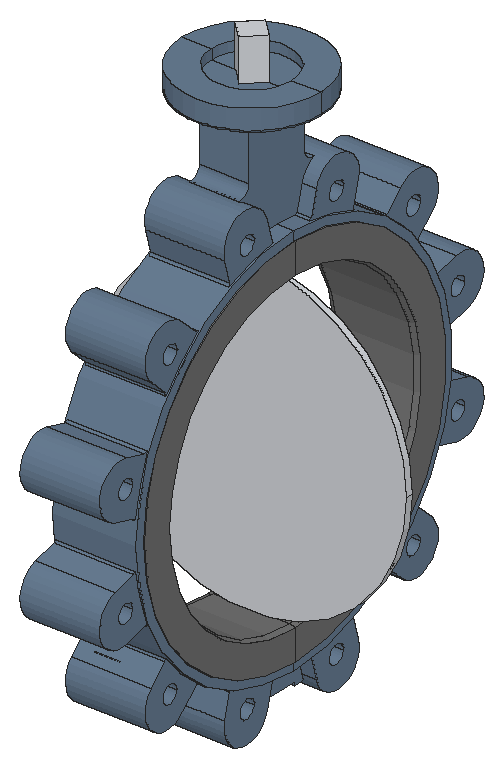
Revit family "Absperr- und Regulierklappe AF-4219", category Rohrzubehör, Revit 2018 (continued)
Lines and regions (mm)
  model lines, detail levels coarse+medium
    curve 6: circle (0, 0, 0) r 5 normal (0, 0, 1)
    curve 7: line (-39, 0, 183) -> (-39, 0, -183)
    curve 8: line (-39, 0, -183) -> (39, 0, -183)
    curve 9: line (39, 0, -183) -> (39, 0, 183)
    curve 10: line (39, 0, 183) -> (-39, 0, 183)
    curve 11: line (39, 0, -183) -> (-39, 0, 183)
    curve 12: circle (0, 0, 0) r 5 normal (0, -1, 0)
Dimensions and locks
  "H01": Revolve 2 sketch curve to plane 2
  "H02": Revolve 2 sketch curve to Revolve 2 sketch curve
  "R01": Revolve 2 sketch curve to Revolve 2 sketch curve
  "D01": plane 2 to Revolve 1 sketch curve
  "D02": plane 2 to Revolve 1 sketch curve
  "D03": plane 2 to Revolve 1 sketch curve
  "L01": Revolve 1 sketch curve to plane 3 "Mitte (Links/rechts)"
  "L02": plane 3 "Mitte (Links/rechts)" to Revolve 1 sketch curve  (x2)
  "D05": Revolve 6 sketch curve to plane 2
  "D04": Revolve 6 sketch curve to plane 2  (x2)
  "D02": Revolve 6 sketch curve to plane 2  (x2)
  "L03": plane 3 "Mitte (Links/rechts)" to Revolve 6 sketch curve
  "L02": Revolve 6 sketch curve to plane 3 "Mitte (Links/rechts)"
  "L03": Revolve 6 sketch curve to plane 3 "Mitte (Links/rechts)"
  "L01": plane 3 "Mitte (Links/rechts)" to Revolve 1 sketch curve
  "D02": Revolve 1 sketch curve to plane 2
  "L02": plane 3 "Mitte (Links/rechts)" to Revolve 6 sketch curve
  "D03": plane 2 to Revolve 6 sketch curve
  "L04": Revolve 6 sketch curve to plane 3 "Mitte (Links/rechts)" to Revolve 6 sketch curve
  "L01": curve 2 to plane 3 "Mitte (Links/rechts)" to curve 4
  equal spacing: curve 3, curve 6, curve 1
  equal spacing: curve 2, curve 6, curve 4
  "D01": curve 1 to plane 1 "Mitte (Vorne/hinten)" to curve 3
  "L01": curve 7 to curve 12 to curve 9
  "D01": curve 10 to curve 12 to curve 8
  "H03": Revolve 2 sketch curve to Revolve 2 sketch curve
  "R02": Revolve 2 sketch curve to Revolve 2 sketch curve
  equal spacing: Extrusion 24 sketch curve, curve 11, Extrusion 24 sketch curve  (x2)
  "L05": Extrusion 24 sketch curve to Extrusion 24 sketch curve  (x2)
  "H04": Extrusion 24 to plane 2
  "H05": Extrusion 24 to Revolve 2
  "R99": radius of Revolve 2 sketch curve
  "D06": radius of Extrusion 7 sketch curve
  radius of curve 6 = 5.000 mm
  radius of curve 12 = 5.000 mm
  aligned and locked: level to plane 2
Automatic sketch dimensions
  Extrusion 3 sketch curve to Extrusion 3 sketch curve = 0.000 mm  (x20)
  Extrusion 3 sketch curve to level = 0.000 mm
  Extrusion 3 sketch curve to plane 1 "Mitte (Vorne/hinten)" = 0.000 mm
  plane 1 "Mitte (Vorne/hinten)" to Extrusion 3 sketch curve = 18.495 mm  (x2)
  Extrusion 3 sketch curve to Extrusion 3 sketch curve = 1.414 mm  (x16)
  Extrusion 3 sketch curve to Extrusion 3 sketch curve = 12.265 mm  (x8)
  Extrusion 3 sketch curve to level = 19.909 mm  (x2)
  Extrusion 3 sketch curve to Extrusion 3 sketch curve = 24.042 mm  (x8)
  level to Extrusion 3 sketch curve = 19.909 mm  (x2)
  Extrusion 3 sketch curve to Extrusion 3 sketch curve = 12.021 mm  (x12)
  Extrusion 3 sketch curve to plane 1 "Mitte (Vorne/hinten)" = 18.495 mm  (x2)
  Extrusion 3 sketch curve to Extrusion 3 sketch curve = 0.934 mm  (x4)
  Extrusion 4 sketch curve to level = 0.000 mm
  Extrusion 4 sketch curve to plane 1 "Mitte (Vorne/hinten)" = 0.000 mm
  plane 1 "Mitte (Vorne/hinten)" to Extrusion 4 sketch curve = 18.495 mm
  Extrusion 4 sketch curve to Extrusion 4 sketch curve = 1.414 mm  (x4)
  plane 1 "Mitte (Vorne/hinten)" to Extrusion 4 sketch curve = 20.000 mm
  Extrusion 4 sketch curve to Extrusion 4 sketch curve = 12.265 mm  (x2)
  Extrusion 4 sketch curve to Extrusion 4 sketch curve = 15.000 mm  (x2)
  Extrusion 4 sketch curve to Extrusion 4 sketch curve = 12.021 mm  (x4)
  Extrusion 4 sketch curve to plane 1 "Mitte (Vorne/hinten)" = 18.495 mm
  Extrusion 4 sketch curve to plane 1 "Mitte (Vorne/hinten)" = 20.000 mm
  level to Extrusion 4 sketch curve = 43.950 mm
  Extrusion 4 sketch curve to Extrusion 4 sketch curve = 0.000 mm
  Extrusion 4 sketch curve to Extrusion 4 sketch curve = 0.244 mm  (x2)
  Extrusion 4 sketch curve to Extrusion 4 sketch curve = 18.630 mm  (x2)
  Extrusion 4 sketch curve to Extrusion 4 sketch curve = 0.934 mm
  Extrusion 5 sketch curve to level = 0.000 mm
  Extrusion 5 sketch curve to plane 1 "Mitte (Vorne/hinten)" = 0.000 mm
  plane 1 "Mitte (Vorne/hinten)" to Extrusion 5 sketch curve = 15.000 mm
  Extrusion 5 sketch curve to Extrusion 5 sketch curve = 1.963 mm  (x2)
  Extrusion 5 sketch curve to Extrusion 5 sketch curve = 1.531 mm  (x2)
  Extrusion 5 sketch curve to Extrusion 5 sketch curve = 1.414 mm  (x4)
  Extrusion 5 sketch curve to Extrusion 5 sketch curve = 15.210 mm  (x2)
  Extrusion 5 sketch curve to Extrusion 5 sketch curve = 1.660 mm  (x2)
  Extrusion 5 sketch curve to Extrusion 5 sketch curve = 12.021 mm  (x3)
  Extrusion 5 sketch curve to plane 1 "Mitte (Vorne/hinten)" = 15.000 mm
  Extrusion 5 sketch curve to Extrusion 5 sketch curve = 1.037 mm  (x2)
  Extrusion 5 sketch curve to Extrusion 5 sketch curve = 1.400 mm  (x2)
  Extrusion 5 sketch curve to Extrusion 5 sketch curve = 1.785 mm  (x2)
  Extrusion 5 sketch curve to Extrusion 5 sketch curve = 12.635 mm  (x2)
  Extrusion 5 sketch curve to Extrusion 5 sketch curve = 0.934 mm
  Extrusion 5 sketch curve to Extrusion 5 sketch curve = 0.788 mm  (x2)
  Extrusion 5 sketch curve to Extrusion 5 sketch curve = 0.000 mm  (x2)
  Extrusion 4 sketch curve to Extrusion 4 sketch curve = 37.155 mm
  Extrusion 5 sketch curve to level = 43.950 mm
  Extrusion 8 sketch curve to Extrusion 8 sketch curve = 0.000 mm  (x12)
  Extrusion 8 sketch curve to level = 39.244 mm  (x2)
  plane 1 "Mitte (Vorne/hinten)" to Extrusion 8 sketch curve = 63.286 mm
  level to Extrusion 8 sketch curve = 39.244 mm  (x2)
  Extrusion 8 sketch curve to Extrusion 8 sketch curve = 9.190 mm  (x2)
  level to Extrusion 8 sketch curve = 28.614 mm  (x2)
  Extrusion 8 sketch curve to Extrusion 8 sketch curve = 1.441 mm  (x8)
  Extrusion 8 sketch curve to level = 28.614 mm  (x2)
  Extrusion 8 sketch curve to Extrusion 8 sketch curve = 12.021 mm  (x6)
  level to Extrusion 8 sketch curve = 63.286 mm  (x2)
  Extrusion 8 sketch curve to level = 63.286 mm  (x2)
  level to Extrusion 8 sketch curve = 52.636 mm  (x2)
  Extrusion 8 sketch curve to Extrusion 8 sketch curve = 10.650 mm  (x4)
  Extrusion 8 sketch curve to level = 52.636 mm  (x2)
  Extrusion 8 sketch curve to Extrusion 8 sketch curve = 1.414 mm  (x8)
  level to Extrusion 8 sketch curve = 0.001 mm  (x2)
  Extrusion 8 sketch curve to Extrusion 8 sketch curve = 28.594 mm
  Extrusion 8 sketch curve to level = 0.001 mm  (x2)
  Extrusion 8 sketch curve to Extrusion 8 sketch curve = 0.001 mm  (x2)
  Extrusion 8 sketch curve to Extrusion 8 sketch curve = 54.361 mm  (x2)
  Extrusion 8 sketch curve to Extrusion 8 sketch curve = 1.390 mm  (x2)
  Extrusion 8 sketch curve to Extrusion 8 sketch curve = 10.630 mm  (x2)
  Extrusion 8 sketch curve to Extrusion 8 sketch curve = 1.832 mm  (x2)
  Extrusion 9 sketch curve to Extrusion 9 sketch curve = 0.000 mm  (x5)
  Extrusion 9 sketch curve to level = 0.000 mm
  Extrusion 9 sketch curve to level = 51.265 mm
  plane 1 "Mitte (Vorne/hinten)" to Extrusion 9 sketch curve = 51.265 mm
  level to Extrusion 9 sketch curve = 51.265 mm
  Extrusion 9 sketch curve to Extrusion 9 sketch curve = 9.247 mm  (x3)
  Extrusion 9 sketch curve to level = 63.286 mm  (x2)
  Extrusion 9 sketch curve to Extrusion 9 sketch curve = 2.774 mm  (x4)
  level to Extrusion 9 sketch curve = 63.286 mm  (x2)
  Extrusion 9 sketch curve to Extrusion 9 sketch curve = 2.244 mm  (x2)
  Extrusion 9 sketch curve to Extrusion 9 sketch curve = 0.183 mm  (x2)
  level to Extrusion 9 sketch curve = 52.636 mm  (x2)
  Extrusion 9 sketch curve to Extrusion 9 sketch curve = 10.650 mm  (x3)
  Extrusion 9 sketch curve to level = 52.636 mm  (x2)
  Extrusion 9 sketch curve to Extrusion 9 sketch curve = 1.414 mm  (x8)
  Extrusion 9 sketch curve to Extrusion 9 sketch curve = 14.817 mm  (x2)
  Extrusion 9 sketch curve to Extrusion 9 sketch curve = 7.210 mm
  Extrusion 9 sketch curve to Extrusion 9 sketch curve = 1.971 mm
  Extrusion 9 sketch curve to Extrusion 9 sketch curve = 28.595 mm
  Extrusion 9 sketch curve to Extrusion 9 sketch curve = 36.000 mm
  Extrusion 9 sketch curve to Extrusion 9 sketch curve = 1.997 mm
  Extrusion 9 sketch curve to Extrusion 9 sketch curve = 44.000 mm
  Extrusion 9 sketch curve to Extrusion 9 sketch curve = 5.181 mm
  Extrusion 9 sketch curve to Extrusion 9 sketch curve = 7.184 mm
  Extrusion 9 sketch curve to Extrusion 9 sketch curve = 12.021 mm  (x2)
  Extrusion 9 sketch curve to Extrusion 9 sketch curve = 14.891 mm
  Extrusion 9 sketch curve to Extrusion 9 sketch curve = 6.473 mm
  Extrusion 9 sketch curve to Extrusion 9 sketch curve = 12.756 mm  (x2)
  Extrusion 9 sketch curve to Extrusion 9 sketch curve = 55.987 mm
  Extrusion 10 sketch curve to Extrusion 10 sketch curve = 0.000 mm  (x48)
  level to Extrusion 10 sketch curve = 14.909 mm  (x2)
  plane 1 "Mitte (Vorne/hinten)" to Extrusion 10 sketch curve = 80.416 mm
  Extrusion 10 sketch curve to level = 14.909 mm  (x2)
  Extrusion 10 sketch curve to Extrusion 10 sketch curve = 6.506 mm  (x6)
  Extrusion 10 sketch curve to level = 46.321 mm  (x2)
  level to Extrusion 10 sketch curve = 46.321 mm  (x2)
  Extrusion 10 sketch curve to level = 7.243 mm
  Extrusion 10 sketch curve to Extrusion 10 sketch curve = 13.321 mm
  level to Extrusion 10 sketch curve = 7.243 mm
  Extrusion 10 sketch curve to level = 9.076 mm  (x2)
  Extrusion 10 sketch curve to Extrusion 10 sketch curve = 0.759 mm  (x8)
  level to Extrusion 10 sketch curve = 9.076 mm  (x2)
  level to Extrusion 10 sketch curve = 40.487 mm  (x2)
  Extrusion 10 sketch curve to Extrusion 10 sketch curve = 14.082 mm  (x4)
  Extrusion 10 sketch curve to level = 40.487 mm  (x2)
  Extrusion 10 sketch curve to Extrusion 10 sketch curve = 0.758 mm  (x8)
  level to Extrusion 10 sketch curve = 67.405 mm  (x2)
  Extrusion 10 sketch curve to Extrusion 10 sketch curve = 6.243 mm  (x2)
  Extrusion 10 sketch curve to level = 67.405 mm  (x2)
  Extrusion 10 sketch curve to Extrusion 10 sketch curve = 10.245 mm  (x4)
  level to Extrusion 10 sketch curve = 53.322 mm  (x2)
  Extrusion 10 sketch curve to Extrusion 10 sketch curve = 1.831 mm  (x8)
  Extrusion 10 sketch curve to level = 53.322 mm  (x2)
  Extrusion 10 sketch curve to Extrusion 10 sketch curve = 15.706 mm  (x6)
  level to Extrusion 10 sketch curve = 80.416 mm  (x2)
  Extrusion 10 sketch curve to level = 80.416 mm  (x2)
  Extrusion 10 sketch curve to level = 66.335 mm  (x2)
  Extrusion 10 sketch curve to Extrusion 10 sketch curve = 5.832 mm  (x4)
  level to Extrusion 10 sketch curve = 66.335 mm  (x2)
  Extrusion 10 sketch curve to Extrusion 10 sketch curve = 1.833 mm  (x6)
  level to Extrusion 10 sketch curve = 0.000 mm
  Extrusion 10 sketch curve to Extrusion 10 sketch curve = 14.486 mm  (x2)
  Extrusion 10 sketch curve to Extrusion 10 sketch curve = 9.873 mm  (x2)
  Extrusion 10 sketch curve to Extrusion 10 sketch curve = 5.833 mm  (x2)
  Extrusion 10 sketch curve to Extrusion 10 sketch curve = 13.013 mm
  Extrusion 10 sketch curve to Extrusion 10 sketch curve = 14.081 mm  (x2)
  Extrusion 10 sketch curve to Extrusion 10 sketch curve = 1.973 mm  (x4)
  Extrusion 10 sketch curve to Extrusion 10 sketch curve = 1.544 mm  (x4)
  Extrusion 10 sketch curve to Extrusion 10 sketch curve = 1.243 mm  (x3)
  Extrusion 10 sketch curve to Extrusion 10 sketch curve = 0.211 mm  (x2)
  Extrusion 10 sketch curve to Extrusion 10 sketch curve = 0.002 mm  (x5)
  Extrusion 10 sketch curve to Extrusion 10 sketch curve = 0.213 mm  (x2)
  Extrusion 10 sketch curve to Extrusion 10 sketch curve = 41.076 mm
  Extrusion 10 sketch curve to level = 0.000 mm
  level to Extrusion 11 sketch curve = 100.814 mm
  plane 1 "Mitte (Vorne/hinten)" to Extrusion 11 sketch curve = 32.000 mm
  Extrusion 11 sketch curve to Extrusion 11 sketch curve = 1.385 mm
  Extrusion 11 sketch curve to Extrusion 11 sketch curve = 10.000 mm  (x2)
  Extrusion 11 sketch curve to level = 80.416 mm
  Extrusion 11 sketch curve to Extrusion 11 sketch curve = 15.706 mm  (x3)
  level to Extrusion 11 sketch curve = 80.416 mm  (x2)
  Extrusion 11 sketch curve to Extrusion 11 sketch curve = 1.409 mm
  Extrusion 11 sketch curve to level = 66.335 mm  (x2)
  Extrusion 11 sketch curve to Extrusion 11 sketch curve = 5.832 mm  (x3)
  level to Extrusion 11 sketch curve = 66.335 mm  (x2)
  Extrusion 11 sketch curve to Extrusion 11 sketch curve = 1.833 mm  (x4)
  level to Extrusion 11 sketch curve = 0.554 mm
  Extrusion 11 sketch curve to Extrusion 11 sketch curve = 9.076 mm
  Extrusion 11 sketch curve to level = 0.554 mm
  Extrusion 11 sketch curve to Extrusion 11 sketch curve = 0.000 mm  (x3)
  Extrusion 11 sketch curve to Extrusion 11 sketch curve = 14.486 mm  (x2)
  Extrusion 11 sketch curve to Extrusion 11 sketch curve = 44.000 mm
  Extrusion 11 sketch curve to Extrusion 11 sketch curve = 0.759 mm  (x4)
  Extrusion 11 sketch curve to Extrusion 11 sketch curve = 6.506 mm
  Extrusion 11 sketch curve to Extrusion 11 sketch curve = 42.686 mm
  Extrusion 11 sketch curve to level = 80.371 mm
  Extrusion 11 sketch curve to Extrusion 11 sketch curve = 1.390 mm
  Extrusion 11 sketch curve to Extrusion 11 sketch curve = 27.000 mm
  Extrusion 12 sketch curve to Extrusion 12 sketch curve = 0.000 mm  (x40)
  Extrusion 12 sketch curve to level = 0.000 mm
  level to Extrusion 12 sketch curve = 18.736 mm  (x2)
  plane 1 "Mitte (Vorne/hinten)" to Extrusion 12 sketch curve = 89.655 mm
  Extrusion 12 sketch curve to level = 18.736 mm  (x2)
  Extrusion 12 sketch curve to Extrusion 12 sketch curve = 6.506 mm  (x6)
  Extrusion 12 sketch curve to level = 50.147 mm  (x2)
  level to Extrusion 12 sketch curve = 50.147 mm  (x2)
  Extrusion 12 sketch curve to Extrusion 12 sketch curve = 13.415 mm  (x2)
  Extrusion 12 sketch curve to level = 12.858 mm  (x2)
  Extrusion 12 sketch curve to Extrusion 12 sketch curve = 0.776 mm  (x8)
  level to Extrusion 12 sketch curve = 12.858 mm  (x2)
  Extrusion 12 sketch curve to level = 44.269 mm  (x2)
  Extrusion 12 sketch curve to Extrusion 12 sketch curve = 14.192 mm  (x4)
  level to Extrusion 12 sketch curve = 44.269 mm  (x2)
  Extrusion 12 sketch curve to Extrusion 12 sketch curve = 0.775 mm  (x8)
  level to Extrusion 12 sketch curve = 76.644 mm  (x2)
  Extrusion 12 sketch curve to Extrusion 12 sketch curve = 11.529 mm  (x2)
  Extrusion 12 sketch curve to level = 76.644 mm  (x2)
  Extrusion 12 sketch curve to Extrusion 12 sketch curve = 4.008 mm  (x2)
  level to Extrusion 12 sketch curve = 62.451 mm  (x2)
  Extrusion 12 sketch curve to Extrusion 12 sketch curve = 1.871 mm  (x8)
  Extrusion 12 sketch curve to level = 62.451 mm  (x2)
  Extrusion 12 sketch curve to Extrusion 12 sketch curve = 15.706 mm  (x6)
  level to Extrusion 12 sketch curve = 89.655 mm  (x2)
  Extrusion 12 sketch curve to level = 89.655 mm  (x2)
  Extrusion 12 sketch curve to level = 75.464 mm  (x2)
  Extrusion 12 sketch curve to Extrusion 12 sketch curve = 5.878 mm  (x4)
  level to Extrusion 12 sketch curve = 75.464 mm  (x2)
  Extrusion 12 sketch curve to Extrusion 12 sketch curve = 1.873 mm  (x8)
  Extrusion 12 sketch curve to Extrusion 12 sketch curve = 21.969 mm  (x2)
  Extrusion 12 sketch curve to Extrusion 12 sketch curve = 9.827 mm  (x2)
  Extrusion 12 sketch curve to Extrusion 12 sketch curve = 5.879 mm  (x2)
  Extrusion 12 sketch curve to Extrusion 12 sketch curve = 15.537 mm  (x2)
  Extrusion 12 sketch curve to Extrusion 12 sketch curve = 13.013 mm
  Extrusion 12 sketch curve to Extrusion 12 sketch curve = 14.190 mm  (x2)
  Extrusion 12 sketch curve to Extrusion 12 sketch curve = 44.269 mm
  Extrusion 13 sketch curve to Extrusion 13 sketch curve = 0.000 mm  (x5)
  Extrusion 13 sketch curve to level = 0.000 mm
  level to Extrusion 13 sketch curve = 114.470 mm
  plane 1 "Mitte (Vorne/hinten)" to Extrusion 13 sketch curve = 41.000 mm
  Extrusion 13 sketch curve to level = 83.149 mm
  Extrusion 13 sketch curve to Extrusion 13 sketch curve = 6.558 mm  (x2)
  Extrusion 13 sketch curve to Extrusion 13 sketch curve = 15.000 mm  (x2)
  level to Extrusion 13 sketch curve = 89.655 mm  (x2)
  Extrusion 13 sketch curve to Extrusion 13 sketch curve = 15.706 mm  (x2)
  Extrusion 13 sketch curve to Extrusion 13 sketch curve = 5.236 mm  (x2)
  level to Extrusion 13 sketch curve = 75.464 mm  (x2)
  Extrusion 13 sketch curve to Extrusion 13 sketch curve = 5.878 mm  (x3)
  Extrusion 13 sketch curve to level = 75.464 mm  (x2)
  Extrusion 13 sketch curve to Extrusion 13 sketch curve = 1.873 mm  (x4)
  Extrusion 13 sketch curve to Extrusion 13 sketch curve = 12.858 mm
  Extrusion 13 sketch curve to Extrusion 13 sketch curve = 21.969 mm
  Extrusion 13 sketch curve to Extrusion 13 sketch curve = 3.345 mm
  Extrusion 13 sketch curve to Extrusion 13 sketch curve = 3.000 mm  (x2)
  Extrusion 13 sketch curve to Extrusion 13 sketch curve = 6.506 mm  (x3)
  Extrusion 13 sketch curve to Extrusion 13 sketch curve = 0.776 mm  (x4)
  Extrusion 13 sketch curve to Extrusion 13 sketch curve = 31.321 mm
  Extrusion 13 sketch curve to Extrusion 13 sketch curve = 52.530 mm
  Extrusion 13 sketch curve to Extrusion 13 sketch curve = 11.129 mm  (x2)
  Extrusion 13 sketch curve to Extrusion 13 sketch curve = 9.812 mm  (x2)
  Extrusion 13 sketch curve to Extrusion 13 sketch curve = 3.078 mm
  Extrusion 13 sketch curve to Extrusion 13 sketch curve = 21.680 mm
  Extrusion 13 sketch curve to Extrusion 13 sketch curve = 2.515 mm
  Extrusion 13 sketch curve to Extrusion 13 sketch curve = 52.000 mm
  Extrusion 14 sketch curve to Extrusion 14 sketch curve = 0.000 mm  (x22)
  Extrusion 14 sketch curve to level = 24.476 mm  (x2)
  plane 1 "Mitte (Vorne/hinten)" to Extrusion 14 sketch curve = 103.513 mm
  level to Extrusion 14 sketch curve = 24.476 mm  (x2)
  Extrusion 14 sketch curve to Extrusion 14 sketch curve = 6.506 mm  (x6)
  Extrusion 14 sketch curve to Extrusion 14 sketch curve = 11.623 mm  (x2)
  Extrusion 14 sketch curve to level = 19.351 mm  (x2)
  Extrusion 14 sketch curve to Extrusion 14 sketch curve = 0.749 mm  (x8)
  level to Extrusion 14 sketch curve = 19.351 mm  (x2)
  Extrusion 14 sketch curve to level = 55.888 mm  (x2)
  level to Extrusion 14 sketch curve = 55.888 mm  (x2)
  Extrusion 14 sketch curve to level = 50.783 mm  (x2)
  Extrusion 14 sketch curve to Extrusion 14 sketch curve = 12.323 mm  (x4)
  level to Extrusion 14 sketch curve = 50.783 mm  (x2)
  Extrusion 14 sketch curve to Extrusion 14 sketch curve = 0.774 mm  (x8)
  level to Extrusion 14 sketch curve = 90.502 mm  (x2)
  Extrusion 14 sketch curve to Extrusion 14 sketch curve = 21.517 mm  (x2)
  Extrusion 14 sketch curve to level = 90.502 mm  (x2)
  Extrusion 14 sketch curve to Extrusion 14 sketch curve = 3.235 mm  (x2)
  Extrusion 14 sketch curve to level = 78.179 mm  (x2)
  Extrusion 14 sketch curve to Extrusion 14 sketch curve = 1.869 mm  (x8)
  level to Extrusion 14 sketch curve = 78.179 mm  (x2)
  Extrusion 14 sketch curve to Extrusion 14 sketch curve = 15.706 mm  (x6)
  level to Extrusion 14 sketch curve = 103.513 mm  (x2)
  Extrusion 14 sketch curve to level = 103.513 mm  (x2)
  level to Extrusion 14 sketch curve = 91.141 mm  (x2)
  Extrusion 14 sketch curve to Extrusion 14 sketch curve = 5.125 mm  (x4)
  Extrusion 14 sketch curve to level = 91.141 mm  (x2)
  Extrusion 14 sketch curve to Extrusion 14 sketch curve = 1.809 mm  (x8)
  Extrusion 14 sketch curve to level = 0.103 mm  (x2)
  Extrusion 14 sketch curve to Extrusion 14 sketch curve = 90.896 mm
  level to Extrusion 14 sketch curve = 0.103 mm  (x2)
  Extrusion 14 sketch curve to Extrusion 14 sketch curve = 0.142 mm  (x7)
  Extrusion 14 sketch curve to Extrusion 14 sketch curve = 0.207 mm  (x2)
  Extrusion 14 sketch curve to Extrusion 14 sketch curve = 35.084 mm  (x2)
  Extrusion 14 sketch curve to Extrusion 14 sketch curve = 10.601 mm  (x2)
  Extrusion 14 sketch curve to Extrusion 14 sketch curve = 5.104 mm  (x2)
  Extrusion 14 sketch curve to Extrusion 14 sketch curve = 24.752 mm  (x2)
  Extrusion 14 sketch curve to Extrusion 14 sketch curve = 12.962 mm  (x2)
  Extrusion 14 sketch curve to Extrusion 14 sketch curve = 12.372 mm  (x2)
  Extrusion 14 sketch curve to level = 0.245 mm
  Extrusion 14 sketch curve to Extrusion 14 sketch curve = 1.933 mm  (x2)
  Extrusion 14 sketch curve to Extrusion 14 sketch curve = 0.314 mm  (x2)
  level to Extrusion 15 sketch curve = 97.007 mm
  plane 1 "Mitte (Vorne/hinten)" to Extrusion 15 sketch curve = 40.182 mm
  Extrusion 15 sketch curve to level = 97.007 mm
  Extrusion 15 sketch curve to Extrusion 15 sketch curve = 0.000 mm  (x7)
  Extrusion 15 sketch curve to Extrusion 15 sketch curve = 4.132 mm
  Extrusion 15 sketch curve to Extrusion 15 sketch curve = 10.048 mm  (x2)
  Extrusion 15 sketch curve to Extrusion 15 sketch curve = 15.706 mm  (x3)
  level to Extrusion 15 sketch curve = 103.513 mm  (x2)
  level to Extrusion 15 sketch curve = 91.141 mm  (x2)
  Extrusion 15 sketch curve to Extrusion 15 sketch curve = 5.125 mm  (x3)
  Extrusion 15 sketch curve to level = 91.141 mm  (x2)
  Extrusion 15 sketch curve to Extrusion 15 sketch curve = 1.809 mm  (x4)
  Extrusion 15 sketch curve to Extrusion 15 sketch curve = 10.974 mm  (x2)
  Extrusion 15 sketch curve to level = 0.111 mm
  Extrusion 15 sketch curve to Extrusion 15 sketch curve = 19.350 mm
  level to Extrusion 15 sketch curve = 0.111 mm
  Extrusion 15 sketch curve to Extrusion 15 sketch curve = 35.081 mm
  Extrusion 15 sketch curve to Extrusion 15 sketch curve = 4.041 mm
  Extrusion 15 sketch curve to level = 103.513 mm
  Extrusion 15 sketch curve to Extrusion 15 sketch curve = 9.998 mm  (x2)
  Extrusion 15 sketch curve to Extrusion 15 sketch curve = 3.000 mm
  Extrusion 15 sketch curve to Extrusion 15 sketch curve = 6.505 mm  (x2)
  Extrusion 15 sketch curve to Extrusion 15 sketch curve = 0.749 mm  (x4)
  Extrusion 15 sketch curve to Extrusion 15 sketch curve = 20.176 mm  (x2)
  Extrusion 15 sketch curve to Extrusion 15 sketch curve = 62.311 mm
  Extrusion 15 sketch curve to Extrusion 15 sketch curve = 0.048 mm
  Extrusion 15 sketch curve to Extrusion 15 sketch curve = 11.626 mm  (x2)
  Extrusion 15 sketch curve to Extrusion 15 sketch curve = 27.000 mm
  Extrusion 15 sketch curve to Extrusion 15 sketch curve = 52.000 mm
  Extrusion 16 sketch curve to Extrusion 16 sketch curve = 0.000 mm  (x23)
  Extrusion 16 sketch curve to level = 26.521 mm  (x2)
  plane 1 "Mitte (Vorne/hinten)" to Extrusion 16 sketch curve = 118.902 mm
  level to Extrusion 16 sketch curve = 26.521 mm  (x2)
  Extrusion 16 sketch curve to Extrusion 16 sketch curve = 8.036 mm  (x6)
  Extrusion 16 sketch curve to Extrusion 16 sketch curve = 15.875 mm  (x2)
  level to Extrusion 16 sketch curve = 65.323 mm  (x2)
  Extrusion 16 sketch curve to level = 65.323 mm  (x2)
  level to Extrusion 16 sketch curve = 19.621 mm  (x2)
  Extrusion 16 sketch curve to Extrusion 16 sketch curve = 0.782 mm  (x8)
  Extrusion 16 sketch curve to level = 19.621 mm  (x2)
  Extrusion 16 sketch curve to level = 58.409 mm  (x2)
  Extrusion 16 sketch curve to Extrusion 16 sketch curve = 16.693 mm  (x4)
  level to Extrusion 16 sketch curve = 58.409 mm  (x2)
  Extrusion 16 sketch curve to Extrusion 16 sketch curve = 0.763 mm  (x8)
  Extrusion 16 sketch curve to level = 102.829 mm  (x2)
  Extrusion 16 sketch curve to Extrusion 16 sketch curve = 20.050 mm  (x2)
  level to Extrusion 16 sketch curve = 102.829 mm  (x2)
  Extrusion 16 sketch curve to Extrusion 16 sketch curve = 5.074 mm  (x2)
  level to Extrusion 16 sketch curve = 86.136 mm  (x2)
  Extrusion 16 sketch curve to Extrusion 16 sketch curve = 1.841 mm  (x8)
  Extrusion 16 sketch curve to level = 86.136 mm  (x2)
  Extrusion 16 sketch curve to Extrusion 16 sketch curve = 19.401 mm  (x6)
  level to Extrusion 16 sketch curve = 118.902 mm  (x2)
  Extrusion 16 sketch curve to level = 118.902 mm  (x2)
  level to Extrusion 16 sketch curve = 102.246 mm  (x2)
  Extrusion 16 sketch curve to Extrusion 16 sketch curve = 6.899 mm  (x4)
  Extrusion 16 sketch curve to level = 102.246 mm  (x2)
  Extrusion 16 sketch curve to Extrusion 16 sketch curve = 1.887 mm  (x8)
  level to Extrusion 16 sketch curve = 0.002 mm  (x2)
  Extrusion 16 sketch curve to Extrusion 16 sketch curve = 86.133 mm
  Extrusion 16 sketch curve to level = 0.002 mm
  Extrusion 16 sketch curve to Extrusion 16 sketch curve = 0.001 mm  (x8)
  Extrusion 16 sketch curve to Extrusion 16 sketch curve = 35.469 mm  (x2)
  Extrusion 16 sketch curve to Extrusion 16 sketch curve = 12.487 mm  (x2)
  Extrusion 16 sketch curve to Extrusion 16 sketch curve = 6.914 mm  (x2)
  Extrusion 16 sketch curve to Extrusion 16 sketch curve = 25.124 mm  (x2)
  Extrusion 16 sketch curve to Extrusion 16 sketch curve = 16.110 mm
  Extrusion 16 sketch curve to Extrusion 16 sketch curve = 16.656 mm  (x2)
  Extrusion 16 sketch curve to level = 0.003 mm
  Extrusion 16 sketch curve to Extrusion 16 sketch curve = 2.019 mm  (x2)
  Extrusion 16 sketch curve to Extrusion 16 sketch curve = 0.309 mm  (x2)
  Extrusion 16 sketch curve to Extrusion 16 sketch curve = 0.004 mm  (x2)
  Extrusion 17 sketch curve to Extrusion 17 sketch curve = 0.000 mm  (x7)
  Extrusion 17 sketch curve to level = 0.000 mm
  Extrusion 17 sketch curve to plane 1 "Mitte (Vorne/hinten)" = 0.000 mm
  plane 1 "Mitte (Vorne/hinten)" to Extrusion 17 sketch curve = 13.500 mm
  plane 1 "Mitte (Vorne/hinten)" to Extrusion 17 sketch curve = 17.734 mm  (x2)
  Extrusion 17 sketch curve to Extrusion 17 sketch curve = 1.887 mm  (x4)
  plane 1 "Mitte (Vorne/hinten)" to Extrusion 17 sketch curve = 26.000 mm
  Extrusion 17 sketch curve to Extrusion 17 sketch curve = 0.521 mm
  Extrusion 17 sketch curve to Extrusion 17 sketch curve = 13.021 mm  (x2)
  Extrusion 17 sketch curve to Extrusion 17 sketch curve = 4.341 mm  (x2)
  Extrusion 17 sketch curve to Extrusion 17 sketch curve = 10.000 mm  (x2)
  Extrusion 17 sketch curve to Extrusion 17 sketch curve = 19.401 mm  (x4)
  Extrusion 17 sketch curve to plane 1 "Mitte (Vorne/hinten)" = 13.500 mm
  Extrusion 17 sketch curve to plane 1 "Mitte (Vorne/hinten)" = 17.734 mm  (x2)
  Extrusion 17 sketch curve to Extrusion 17 sketch curve = 6.899 mm
  Extrusion 17 sketch curve to level = 102.246 mm
  Extrusion 17 sketch curve to Extrusion 17 sketch curve = 0.782 mm  (x4)
  Extrusion 17 sketch curve to Extrusion 17 sketch curve = 8.620 mm  (x4)
  Extrusion 17 sketch curve to Extrusion 17 sketch curve = 16.656 mm  (x4)
  Extrusion 17 sketch curve to Extrusion 17 sketch curve = 3.000 mm
  level to Extrusion 17 sketch curve = 102.246 mm
  Extrusion 17 sketch curve to Extrusion 17 sketch curve = 16.098 mm  (x2)
  Extrusion 17 sketch curve to Extrusion 17 sketch curve = 64.000 mm
  Extrusion 17 sketch curve to Extrusion 17 sketch curve = 4.938 mm
  Extrusion 18 sketch curve to Extrusion 18 sketch curve = 0.000 mm  (x62)
  Extrusion 18 sketch curve to level = 0.000 mm
  Extrusion 18 sketch curve to level = 17.891 mm  (x2)
  plane 1 "Mitte (Vorne/hinten)" to Extrusion 18 sketch curve = 147.909 mm
  level to Extrusion 18 sketch curve = 17.891 mm  (x2)
  Extrusion 18 sketch curve to Extrusion 18 sketch curve = 5.435 mm  (x6)
  Extrusion 18 sketch curve to level = 58.460 mm  (x2)
  level to Extrusion 18 sketch curve = 58.460 mm  (x2)
  Extrusion 18 sketch curve to Extrusion 18 sketch curve = 15.462 mm  (x2)
  level to Extrusion 18 sketch curve = 13.612 mm  (x2)
  Extrusion 18 sketch curve to Extrusion 18 sketch curve = 0.509 mm  (x8)
  Extrusion 18 sketch curve to level = 13.612 mm  (x2)
  Extrusion 18 sketch curve to level = 54.199 mm  (x2)
  Extrusion 18 sketch curve to Extrusion 18 sketch curve = 15.903 mm  (x4)
  level to Extrusion 18 sketch curve = 54.199 mm  (x2)
  Extrusion 18 sketch curve to Extrusion 18 sketch curve = 0.530 mm  (x8)
  Extrusion 18 sketch curve to level = 89.449 mm  (x2)
  Extrusion 18 sketch curve to Extrusion 18 sketch curve = 1.459 mm  (x2)
  level to Extrusion 18 sketch curve = 89.449 mm  (x2)
  Extrusion 18 sketch curve to Extrusion 18 sketch curve = 10.302 mm  (x2)
  Extrusion 18 sketch curve to level = 77.758 mm  (x2)
  Extrusion 18 sketch curve to Extrusion 18 sketch curve = 1.389 mm  (x8)
  level to Extrusion 18 sketch curve = 77.758 mm  (x2)
  Extrusion 18 sketch curve to Extrusion 18 sketch curve = 14.849 mm  (x6)
  Extrusion 18 sketch curve to level = 119.147 mm  (x2)
  level to Extrusion 18 sketch curve = 119.147 mm  (x2)
  level to Extrusion 18 sketch curve = 107.506 mm  (x2)
  Extrusion 18 sketch curve to Extrusion 18 sketch curve = 11.642 mm  (x4)
  Extrusion 18 sketch curve to level = 107.506 mm  (x2)
  Extrusion 18 sketch curve to Extrusion 18 sketch curve = 1.448 mm  (x8)
  level to Extrusion 18 sketch curve = 137.039 mm  (x2)
  Extrusion 18 sketch curve to Extrusion 18 sketch curve = 17.899 mm  (x2)
  Extrusion 18 sketch curve to level = 137.039 mm  (x2)
  Extrusion 18 sketch curve to Extrusion 18 sketch curve = 2.283 mm  (x2)
  Extrusion 18 sketch curve to level = 121.136 mm  (x2)
  Extrusion 18 sketch curve to Extrusion 18 sketch curve = 1.978 mm  (x8)
  level to Extrusion 18 sketch curve = 121.136 mm  (x2)
  Extrusion 18 sketch curve to Extrusion 18 sketch curve = 20.284 mm  (x6)
  Extrusion 18 sketch curve to level = 147.909 mm  (x2)
  level to Extrusion 18 sketch curve = 147.909 mm  (x2)
  level to Extrusion 18 sketch curve = 131.939 mm  (x2)
  Extrusion 18 sketch curve to Extrusion 18 sketch curve = 4.279 mm  (x4)
  Extrusion 18 sketch curve to level = 131.939 mm  (x2)
  Extrusion 18 sketch curve to Extrusion 18 sketch curve = 1.898 mm  (x8)
  Extrusion 18 sketch curve to Extrusion 18 sketch curve = 13.612 mm
  Extrusion 18 sketch curve to Extrusion 18 sketch curve = 23.429 mm  (x2)
  Extrusion 18 sketch curve to Extrusion 18 sketch curve = 16.023 mm  (x2)
  Extrusion 18 sketch curve to Extrusion 18 sketch curve = 4.261 mm  (x2)
  Extrusion 18 sketch curve to Extrusion 18 sketch curve = 20.183 mm  (x2)
  Extrusion 18 sketch curve to Extrusion 18 sketch curve = 3.158 mm  (x2)
  Extrusion 18 sketch curve to Extrusion 18 sketch curve = 11.691 mm  (x2)
  Extrusion 18 sketch curve to Extrusion 18 sketch curve = 11.760 mm  (x2)
  Extrusion 18 sketch curve to Extrusion 18 sketch curve = 10.803 mm
  Extrusion 18 sketch curve to Extrusion 18 sketch curve = 15.970 mm  (x2)
  Extrusion 19 sketch curve to Extrusion 19 sketch curve = 0.000 mm  (x5)
  Extrusion 19 sketch curve to level = 0.000 mm
  Extrusion 19 sketch curve to level = 142.474 mm
  plane 1 "Mitte (Vorne/hinten)" to Extrusion 19 sketch curve = 38.176 mm
  level to Extrusion 19 sketch curve = 142.474 mm
  Extrusion 19 sketch curve to Extrusion 19 sketch curve = 8.163 mm
  Extrusion 19 sketch curve to Extrusion 19 sketch curve = 2.013 mm  (x2)
  Extrusion 19 sketch curve to level = 147.909 mm
  Extrusion 19 sketch curve to Extrusion 19 sketch curve = 20.284 mm  (x3)
  level to Extrusion 19 sketch curve = 147.909 mm  (x2)
  Extrusion 19 sketch curve to Extrusion 19 sketch curve = 10.109 mm
  Extrusion 19 sketch curve to level = 131.939 mm  (x2)
  Extrusion 19 sketch curve to Extrusion 19 sketch curve = 4.279 mm  (x4)
  level to Extrusion 19 sketch curve = 131.939 mm  (x2)
  Extrusion 19 sketch curve to Extrusion 19 sketch curve = 1.898 mm  (x4)
  Extrusion 19 sketch curve to Extrusion 19 sketch curve = 13.612 mm
  Extrusion 19 sketch curve to Extrusion 19 sketch curve = 23.429 mm  (x2)
  Extrusion 19 sketch curve to Extrusion 19 sketch curve = 56.000 mm
  Extrusion 19 sketch curve to Extrusion 19 sketch curve = 5.435 mm  (x2)
  Extrusion 19 sketch curve to Extrusion 19 sketch curve = 0.509 mm  (x4)
  Extrusion 19 sketch curve to Extrusion 19 sketch curve = 16.081 mm  (x2)
  Extrusion 19 sketch curve to Extrusion 19 sketch curve = 66.010 mm
  Extrusion 19 sketch curve to Extrusion 19 sketch curve = 1.832 mm  (x2)
  Extrusion 19 sketch curve to Extrusion 19 sketch curve = 0.173 mm
  Extrusion 20 sketch curve to level = 22.097 mm  (x2)
  plane 1 "Mitte (Vorne/hinten)" to Extrusion 20 sketch curve = 177.618 mm
  level to Extrusion 20 sketch curve = 22.097 mm  (x2)
  Extrusion 20 sketch curve to Extrusion 20 sketch curve = 0.000 mm  (x17)
  Extrusion 20 sketch curve to Extrusion 20 sketch curve = 6.470 mm  (x4)
  Extrusion 20 sketch curve to Extrusion 20 sketch curve = 2.415 mm  (x8)
  level to Extrusion 20 sketch curve = 70.393 mm  (x2)
  Extrusion 20 sketch curve to level = 70.393 mm  (x2)
  Extrusion 20 sketch curve to Extrusion 20 sketch curve = 18.556 mm  (x2)
  Extrusion 20 sketch curve to level = 16.983 mm  (x2)
  Extrusion 20 sketch curve to Extrusion 20 sketch curve = 0.529 mm  (x16)
  level to Extrusion 20 sketch curve = 16.983 mm  (x2)
  level to Extrusion 20 sketch curve = 65.280 mm  (x2)
  Extrusion 20 sketch curve to Extrusion 20 sketch curve = 19.085 mm  (x6)
  Extrusion 20 sketch curve to level = 65.280 mm  (x2)
  Extrusion 20 sketch curve to level = 107.956 mm  (x2)
  Extrusion 20 sketch curve to Extrusion 20 sketch curve = 2.085 mm  (x2)
  level to Extrusion 20 sketch curve = 107.956 mm  (x2)
  Extrusion 20 sketch curve to Extrusion 20 sketch curve = 12.527 mm  (x2)
  level to Extrusion 20 sketch curve = 93.984 mm  (x2)
  Extrusion 20 sketch curve to Extrusion 20 sketch curve = 1.445 mm  (x16)
  Extrusion 20 sketch curve to level = 93.984 mm  (x2)
  Extrusion 20 sketch curve to Extrusion 20 sketch curve = 17.678 mm  (x4)
  Extrusion 20 sketch curve to Extrusion 20 sketch curve = 1.768 mm  (x8)
  level to Extrusion 20 sketch curve = 143.311 mm  (x2)
  Extrusion 20 sketch curve to level = 143.311 mm  (x2)
  Extrusion 20 sketch curve to level = 129.340 mm  (x2)
  Extrusion 20 sketch curve to Extrusion 20 sketch curve = 13.971 mm  (x6)
  level to Extrusion 20 sketch curve = 129.340 mm  (x2)
  level to Extrusion 20 sketch curve = 164.981 mm  (x2)
  Extrusion 20 sketch curve to Extrusion 20 sketch curve = 22.118 mm  (x2)
  Extrusion 20 sketch curve to level = 164.981 mm  (x2)
  Extrusion 20 sketch curve to Extrusion 20 sketch curve = 3.140 mm  (x2)
  level to Extrusion 20 sketch curve = 145.897 mm  (x2)
  Extrusion 20 sketch curve to Extrusion 20 sketch curve = 1.974 mm  (x8)
  Extrusion 20 sketch curve to level = 145.897 mm  (x2)
  Extrusion 20 sketch curve to Extrusion 20 sketch curve = 24.148 mm  (x4)
  Extrusion 20 sketch curve to Extrusion 20 sketch curve = 0.647 mm  (x8)
  level to Extrusion 20 sketch curve = 177.922 mm  (x2)
  Extrusion 20 sketch curve to level = 177.922 mm  (x2)
  level to Extrusion 20 sketch curve = 158.837 mm  (x2)
  Extrusion 20 sketch curve to Extrusion 20 sketch curve = 5.114 mm  (x6)
  Extrusion 20 sketch curve to level = 158.837 mm  (x2)
  Extrusion 20 sketch curve to Extrusion 20 sketch curve = 1.973 mm  (x8)
  Extrusion 20 sketch curve to level = 0.226 mm  (x2)
  Extrusion 20 sketch curve to Extrusion 20 sketch curve = 158.098 mm
  level to Extrusion 20 sketch curve = 0.226 mm
  level to Extrusion 20 sketch curve = 0.072 mm
  Extrusion 20 sketch curve to Extrusion 20 sketch curve = 0.128 mm  (x3)
  Extrusion 20 sketch curve to level = 0.072 mm
  Extrusion 20 sketch curve to Extrusion 20 sketch curve = 0.061 mm  (x4)
  Extrusion 20 sketch curve to level = 0.036 mm  (x2)
  Extrusion 20 sketch curve to Extrusion 20 sketch curve = 0.324 mm
  Extrusion 20 sketch curve to Extrusion 20 sketch curve = 29.244 mm  (x2)
  Extrusion 20 sketch curve to Extrusion 20 sketch curve = 23.501 mm  (x2)
  Extrusion 20 sketch curve to Extrusion 20 sketch curve = 19.681 mm  (x2)
  Extrusion 20 sketch curve to Extrusion 20 sketch curve = 25.258 mm  (x2)
  Extrusion 20 sketch curve to Extrusion 20 sketch curve = 15.910 mm  (x2)
  Extrusion 20 sketch curve to Extrusion 20 sketch curve = 5.474 mm  (x2)
  Extrusion 20 sketch curve to Extrusion 20 sketch curve = 14.612 mm  (x2)
  Extrusion 20 sketch curve to Extrusion 20 sketch curve = 12.940 mm
  Extrusion 20 sketch curve to Extrusion 20 sketch curve = 4.056 mm  (x2)
  Extrusion 20 sketch curve to Extrusion 20 sketch curve = 0.035 mm  (x2)
  level to Extrusion 20 sketch curve = 0.036 mm  (x2)
  Extrusion 20 sketch curve to Extrusion 20 sketch curve = 0.154 mm
  Extrusion 20 sketch curve to Extrusion 20 sketch curve = 2.037 mm  (x4)
  Extrusion 20 sketch curve to Extrusion 20 sketch curve = 1.856 mm  (x4)
  Extrusion 20 sketch curve to Extrusion 20 sketch curve = 1.841 mm  (x4)
  Extrusion 20 sketch curve to Extrusion 20 sketch curve = 1.179 mm  (x4)
  Extrusion 20 sketch curve to Extrusion 20 sketch curve = 0.856 mm  (x4)
  Extrusion 20 sketch curve to Extrusion 20 sketch curve = 0.153 mm  (x4)
  level to Extrusion 21 sketch curve = 171.452 mm
  plane 1 "Mitte (Vorne/hinten)" to Extrusion 21 sketch curve = 45.940 mm
  Extrusion 21 sketch curve to level = 171.452 mm
  Extrusion 21 sketch curve to Extrusion 21 sketch curve = 0.000 mm  (x2)
  Extrusion 21 sketch curve to Extrusion 21 sketch curve = 6.907 mm
  Extrusion 21 sketch curve to Extrusion 21 sketch curve = 11.901 mm
  Extrusion 21 sketch curve to Extrusion 21 sketch curve = 1.957 mm  (x2)
  Extrusion 21 sketch curve to level = 177.922 mm  (x2)
  Extrusion 21 sketch curve to Extrusion 21 sketch curve = 17.241 mm
  level to Extrusion 21 sketch curve = 177.922 mm  (x2)
  Extrusion 21 sketch curve to Extrusion 21 sketch curve = 10.291 mm  (x2)
  Extrusion 21 sketch curve to Extrusion 21 sketch curve = 0.709 mm  (x2)
  level to Extrusion 21 sketch curve = 158.808 mm  (x2)
  Extrusion 21 sketch curve to Extrusion 21 sketch curve = 5.122 mm  (x3)
  Extrusion 21 sketch curve to level = 158.808 mm  (x2)
  Extrusion 21 sketch curve to Extrusion 21 sketch curve = 1.932 mm  (x4)
  level to Extrusion 21 sketch curve = 0.021 mm
  Extrusion 21 sketch curve to Extrusion 21 sketch curve = 16.588 mm
  Extrusion 21 sketch curve to Extrusion 21 sketch curve = 29.311 mm  (x2)
  Extrusion 21 sketch curve to Extrusion 21 sketch curve = 24.148 mm
  Extrusion 21 sketch curve to Extrusion 21 sketch curve = 17.557 mm
  Extrusion 21 sketch curve to Extrusion 21 sketch curve = 3.000 mm
  Extrusion 21 sketch curve to Extrusion 21 sketch curve = 6.470 mm  (x2)
  Extrusion 21 sketch curve to Extrusion 21 sketch curve = 0.518 mm  (x4)
  Extrusion 21 sketch curve to level = 0.021 mm
  Extrusion 21 sketch curve to Extrusion 21 sketch curve = 17.717 mm  (x2)
  Extrusion 21 sketch curve to Extrusion 21 sketch curve = 67.361 mm
  Extrusion 21 sketch curve to Extrusion 21 sketch curve = 0.120 mm  (x2)
  Extrusion 21 sketch curve to Extrusion 21 sketch curve = 17.951 mm
  Extrusion 21 sketch curve to Extrusion 21 sketch curve = 6.344 mm
  level to Extrusion 22 sketch curve = 28.910 mm  (x2)
  plane 1 "Mitte (Vorne/hinten)" to Extrusion 22 sketch curve = 204.485 mm
  Extrusion 22 sketch curve to level = 28.910 mm  (x2)
  Extrusion 22 sketch curve to Extrusion 22 sketch curve = 0.000 mm  (x9)
  Extrusion 22 sketch curve to Extrusion 22 sketch curve = 6.470 mm  (x4)
  Extrusion 22 sketch curve to Extrusion 22 sketch curve = 4.830 mm  (x8)
  Extrusion 22 sketch curve to level = 77.206 mm  (x2)
  level to Extrusion 22 sketch curve = 77.206 mm  (x2)
  Extrusion 22 sketch curve to Extrusion 22 sketch curve = 20.758 mm  (x2)
  level to Extrusion 22 sketch curve = 23.212 mm  (x2)
  Extrusion 22 sketch curve to Extrusion 22 sketch curve = 0.507 mm  (x8)
  Extrusion 22 sketch curve to level = 23.212 mm  (x2)
  Extrusion 22 sketch curve to level = 71.520 mm  (x2)
  Extrusion 22 sketch curve to Extrusion 22 sketch curve = 21.221 mm  (x4)
  level to Extrusion 22 sketch curve = 71.520 mm  (x2)
  Extrusion 22 sketch curve to Extrusion 22 sketch curve = 0.521 mm  (x8)
  level to Extrusion 22 sketch curve = 127.279 mm  (x2)
  Extrusion 22 sketch curve to Extrusion 22 sketch curve = 7.168 mm  (x2)
  Extrusion 22 sketch curve to level = 127.279 mm  (x2)
  Extrusion 22 sketch curve to Extrusion 22 sketch curve = 14.182 mm  (x2)
  Extrusion 22 sketch curve to level = 111.712 mm  (x2)
  Extrusion 22 sketch curve to Extrusion 22 sketch curve = 1.386 mm  (x8)
  level to Extrusion 22 sketch curve = 111.712 mm  (x2)
  Extrusion 22 sketch curve to Extrusion 22 sketch curve = 17.678 mm  (x4)
  Extrusion 22 sketch curve to Extrusion 22 sketch curve = 3.536 mm  (x8)
  level to Extrusion 22 sketch curve = 162.635 mm  (x2)
  Extrusion 22 sketch curve to level = 162.635 mm  (x2)
  Extrusion 22 sketch curve to level = 147.100 mm  (x2)
  Extrusion 22 sketch curve to Extrusion 22 sketch curve = 15.535 mm  (x4)
  level to Extrusion 22 sketch curve = 147.100 mm  (x2)
  Extrusion 22 sketch curve to Extrusion 22 sketch curve = 1.423 mm  (x8)
  level to Extrusion 22 sketch curve = 191.544 mm  (x2)
  Extrusion 22 sketch curve to Extrusion 22 sketch curve = 33.115 mm  (x2)
  Extrusion 22 sketch curve to level = 191.544 mm  (x2)
  Extrusion 22 sketch curve to Extrusion 22 sketch curve = 3.742 mm  (x2)
  Extrusion 22 sketch curve to level = 170.323 mm  (x2)
  Extrusion 22 sketch curve to Extrusion 22 sketch curve = 1.944 mm  (x8)
  level to Extrusion 22 sketch curve = 170.323 mm  (x2)
  Extrusion 22 sketch curve to Extrusion 22 sketch curve = 24.148 mm  (x4)
  Extrusion 22 sketch curve to Extrusion 22 sketch curve = 1.294 mm  (x8)
  Extrusion 22 sketch curve to level = 204.485 mm  (x2)
  level to Extrusion 22 sketch curve = 204.485 mm  (x2)
  level to Extrusion 22 sketch curve = 183.220 mm  (x2)
  Extrusion 22 sketch curve to Extrusion 22 sketch curve = 5.698 mm  (x4)
  Extrusion 22 sketch curve to level = 183.220 mm  (x2)
  Extrusion 22 sketch curve to Extrusion 22 sketch curve = 1.893 mm  (x8)
  Extrusion 22 sketch curve to level = 0.029 mm
  Extrusion 22 sketch curve to Extrusion 22 sketch curve = 147.001 mm
  level to Extrusion 22 sketch curve = 0.029 mm  (x2)
  Extrusion 22 sketch curve to Extrusion 22 sketch curve = 0.008 mm  (x4)
  Extrusion 22 sketch curve to Extrusion 22 sketch curve = 0.029 mm  (x4)
  Extrusion 22 sketch curve to Extrusion 22 sketch curve = 0.057 mm  (x4)
  Extrusion 22 sketch curve to Extrusion 22 sketch curve = 42.638 mm  (x2)
  Extrusion 22 sketch curve to Extrusion 22 sketch curve = 22.854 mm  (x2)
  Extrusion 22 sketch curve to Extrusion 22 sketch curve = 19.756 mm  (x2)
  Extrusion 22 sketch curve to Extrusion 22 sketch curve = 5.686 mm  (x2)
  Extrusion 22 sketch curve to Extrusion 22 sketch curve = 36.857 mm  (x2)
  Extrusion 22 sketch curve to Extrusion 22 sketch curve = 14.142 mm  (x2)
  Extrusion 22 sketch curve to Extrusion 22 sketch curve = 5.646 mm  (x2)
  Extrusion 22 sketch curve to Extrusion 22 sketch curve = 15.567 mm  (x2)
  Extrusion 22 sketch curve to Extrusion 22 sketch curve = 21.349 mm  (x2)
  Extrusion 22 sketch curve to Extrusion 22 sketch curve = 12.897 mm
  Extrusion 22 sketch curve to Extrusion 22 sketch curve = 1.641 mm  (x2)
  Extrusion 22 sketch curve to Extrusion 22 sketch curve = 21.266 mm  (x2)
  Extrusion 22 sketch curve to level = 0.066 mm
  Extrusion 22 sketch curve to Extrusion 22 sketch curve = 0.037 mm
  Extrusion 22 sketch curve to Extrusion 22 sketch curve = 0.014 mm  (x4)
  Extrusion 22 sketch curve to Extrusion 22 sketch curve = 0.023 mm  (x3)
  Extrusion 22 sketch curve to Extrusion 22 sketch curve = 1.959 mm  (x2)
  Extrusion 22 sketch curve to Extrusion 22 sketch curve = 1.725 mm  (x2)
  Extrusion 23 sketch curve to Extrusion 23 sketch curve = 0.000 mm  (x4)
  Extrusion 23 sketch curve to level = 0.000 mm
  level to Extrusion 23 sketch curve = 198.015 mm
  plane 1 "Mitte (Vorne/hinten)" to Extrusion 23 sketch curve = 53.058 mm
  Extrusion 23 sketch curve to Extrusion 23 sketch curve = 11.058 mm
  Extrusion 23 sketch curve to Extrusion 23 sketch curve = 10.000 mm  (x2)
  Extrusion 23 sketch curve to Extrusion 23 sketch curve = 21.696 mm
  Extrusion 23 sketch curve to level = 204.485 mm
  Extrusion 23 sketch curve to Extrusion 23 sketch curve = 2.452 mm  (x2)
  level to Extrusion 23 sketch curve = 204.485 mm  (x2)
  Extrusion 23 sketch curve to Extrusion 23 sketch curve = 24.148 mm  (x3)
  Extrusion 23 sketch curve to level = 183.220 mm  (x2)
  Extrusion 23 sketch curve to Extrusion 23 sketch curve = 5.698 mm  (x3)
  level to Extrusion 23 sketch curve = 183.220 mm  (x2)
  Extrusion 23 sketch curve to Extrusion 23 sketch curve = 1.893 mm  (x4)
  Extrusion 23 sketch curve to Extrusion 23 sketch curve = 7.910 mm  (x2)
  Extrusion 23 sketch curve to Extrusion 23 sketch curve = 23.212 mm
  Extrusion 23 sketch curve to Extrusion 23 sketch curve = 42.000 mm
  Extrusion 23 sketch curve to Extrusion 23 sketch curve = 42.638 mm
  Extrusion 23 sketch curve to Extrusion 23 sketch curve = 0.319 mm
  Extrusion 23 sketch curve to Extrusion 23 sketch curve = 64.000 mm
  Extrusion 23 sketch curve to Extrusion 23 sketch curve = 2.951 mm
  Extrusion 23 sketch curve to Extrusion 23 sketch curve = 3.000 mm  (x2)
  Extrusion 23 sketch curve to Extrusion 23 sketch curve = 12.421 mm
  Extrusion 23 sketch curve to Extrusion 23 sketch curve = 0.507 mm  (x4)
  Extrusion 23 sketch curve to Extrusion 23 sketch curve = 6.470 mm
  Extrusion 23 sketch curve to Extrusion 23 sketch curve = 26.515 mm  (x2)
  Extrusion 23 sketch curve to Extrusion 23 sketch curve = 57.000 mm
  Extrusion 23 sketch curve to Extrusion 23 sketch curve = 0.014 mm  (x2)
  curve 12 to level = 0.000 mm
  curve 12 to plane 3 "Mitte (Links/rechts)" = 0.000 mm
  Revolve 1 sketch curve to level = 0.000 mm
  Revolve 1 sketch curve to Revolve 1 sketch curve = 1330.490 mm
  Revolve 1 sketch curve to Revolve 1 sketch curve = 1877.483 mm
  Revolve 2 sketch curve to plane 3 "Mitte (Links/rechts)" = 0.000 mm  (x2)
  Revolve 2 sketch curve to Revolve 2 sketch curve = 0.333 mm
  Revolve 2 sketch curve to level = 366.045 mm
  Revolve 2 sketch curve to Revolve 2 sketch curve = 2089.315 mm
  Revolve 6 sketch curve to level = 0.000 mm
  Revolve 6 sketch curve to Revolve 6 sketch curve = 1463.783 mm
  Revolve 6 sketch curve to Revolve 6 sketch curve = 1741.775 mm
  Extrusion 7 sketch curve to level = 0.000 mm
  Extrusion 7 sketch curve to plane 3 "Mitte (Links/rechts)" = 0.000 mm
  Extrusion 24 sketch curve to plane 3 "Mitte (Links/rechts)" = 0.000 mm
  radius of Extrusion 3 sketch curve = 6.920 mm  (x4)
  radius of Extrusion 8 sketch curve = 6.920 mm  (x4)
  radius of Extrusion 10 sketch curve = 6.920 mm  (x8)
  radius of Extrusion 12 sketch curve = 6.920 mm  (x8)
  radius of Extrusion 14 sketch curve = 6.920 mm  (x8)
  radius of Extrusion 16 sketch curve = 8.645 mm  (x8)
  radius of Extrusion 18 sketch curve = 8.645 mm  (x12)
  radius of Extrusion 20 sketch curve = 8.645 mm  (x12)
  radius of Extrusion 22 sketch curve = 8.645 mm  (x12)
Nested families
  nested 1: "Herz-Logo-vorne" at (-15, 0, 92), visible <- "DN50", type "Herz-Logo-vorne", detail levels fine
  nested 2: "Herz-Logo-vorne" at (-18, 0, 116.5), visible <- "DN65", type "Herz-Logo-vorne", detail levels fine
  nested 3: "Herz-Logo-vorne" at (-18.5, 0, 123.5), visible <- "DN80", type "Herz-Logo-vorne", detail levels fine
  nested 4: "Herz-Logo-vorne" at (-18, 0, 147), visible <- "DN100", type "Herz-Logo-vorne", detail levels fine
  nested 5: "Herz-Logo-vorne" at (-18, 0, 166), visible <- "DN125", type "Herz-Logo-vorne", detail levels fine
  nested 6: "Herz-Logo-vorne" at (-18, 0, 179), visible <- "DN150", type "Herz-Logo-vorne", detail levels fine
  nested 7: "Herz-Logo-vorne" at (-20, 0, 210), visible <- "DN200", type "Herz-Logo-vorne", detail levels fine
  nested 8: "Herz-Logo-vorne" at (-23, 0, 243), visible <- "DN250", type "Herz-Logo-vorne", detail levels fine
  nested 9: "Herz-Logo-vorne" at (-23, 0, 268), visible <- "DN300", type "Herz-Logo-vorne", detail levels fine
Connectors
  piping at (-40.5, 0, 0), diameter 300, driven by "Nennweite"
    settings: on Revolve 6, index 1, connector inside diameter 609.6 mm, connector length 0.000 mm, flow factor 0, pipe flow 0.0 L/s, pressure drop 0.0 Pa, fitting loss kfactor 0, connector angle 0.00°, fixture units 0, engagement length 0.000 mm, angle of deflection 0.00°, flow configuration 0, flow direction 0, fitting loss method 0, system type 29, joint type 0, gender type 0, connector reference index -1, connector utility 0, adjustable connector no, is connector primary yes, connector description ""
  piping at (40.5, 0, 0), diameter 300, driven by "Nennweite"
    settings: on Revolve 6, index 2, connector inside diameter 609.6 mm, connector length 0.000 mm, flow factor 0, pipe flow 0.0 L/s, pressure drop 0.0 Pa, fitting loss kfactor 0, connector angle 0.00°, fixture units 0, engagement length 0.000 mm, angle of deflection 0.00°, flow configuration 0, flow direction 0, fitting loss method 0, system type 29, joint type 0, gender type 0, connector reference index -1, connector utility 0, adjustable connector no, is connector primary no, connector description ""
Definition of nested family "Herz-Logo-vorne"
  Reference planes
    plane 1 "Mitte (Vorne/hinten)": y = 0
    plane 2: z = 0
    plane 3 "Mitte (Links/rechts)": x = 0
  Forms (mm)
    Extrusion 1, solid
      sketch origin (0.732, -0.018, 0.017) x (0, -1, 0) y (0, 0, 1)
        loop
          line (-0.018, -4.517) -> (4.482, -4.517) -> (4.482, 4.483) -> (-4.518, 4.483) -> (-4.518, -4.517) -> (-0.018, -4.517)
        loop
          line (-0.05, -3.48) -> (3.482, -3.48) -> (3.482, 3.483) -> (-3.518, 3.483) -> (-3.518, -3.48) -> (-0.05, -3.48)
        loop
          arc (-0.018, 2.383) -> (-1.543, 3.287) -> (-3.067, 2.383) r 1.738
          arc (-3.067, 2.383) -> (-3.191, 1.899) -> (-3.067, 1.415) r 1.009
          line (-3.067, 1.415) -> (-0.018, -3.281) -> (3.032, 1.415)
          arc (3.032, 1.415) -> (3.156, 1.899) -> (3.032, 2.383) r 1.009
          arc (3.032, 2.383) -> (1.507, 3.287) -> (-0.018, 2.383) r 1.738
        loop
          arc (1.885, 1.272) -> (2.005, 1.675) -> (1.885, 2.079) r 0.74
          arc (1.885, 2.079) -> (1.265, 2.416) -> (0.644, 2.079) r 0.74
          line (0.644, 2.079) -> (-0.018, 0.97) -> (-0.679, 2.079)
          arc (-0.679, 2.079) -> (-1.3, 2.416) -> (-1.921, 2.079) r 0.74
          arc (-1.921, 2.079) -> (-2.04, 1.675) -> (-1.921, 1.272) r 0.74
          line (-1.921, 1.272) -> (-0.018, -1.658) -> (1.885, 1.272)
      from 0 to 1.5
  Dimensions and locks
    aligned and locked: level to plane 2
